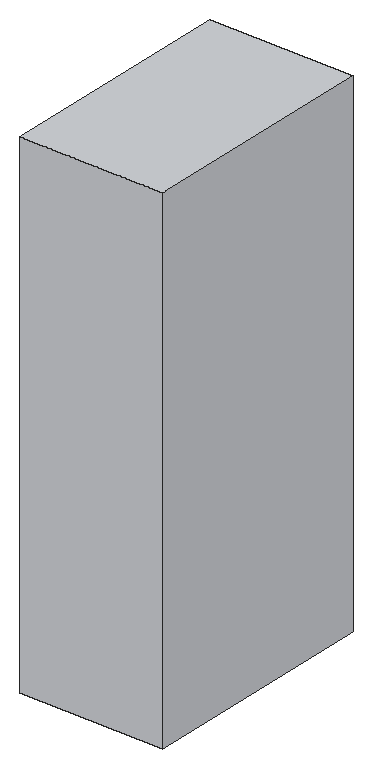
Revit family "第二期車站04_RTU機櫃_600x1000x2100", category 電氣設備, Revit 2025
Family settings
  面板規劃 = 兩欄，回路穿越
  圓形接點標註 = 使用直徑
  組件類型 = 分電盤
  OmniClass 編號 = 23.80.30.11.17
  OmniClass 標題 = Distribution Boards and Control Panels
  以工作平面為基礎 = 否
  總是垂直 = 是
  載入時使用空心切割 = 否
  維持標註方位 = 否
  共用 = 否
  房間計算點 = 否
Parameters (values of type "RTU 與網路機櫃")
  built-in parameter 1155100 [instance] = -1
  Default Elevation = 0 mm
  built-in parameter 1140142 [instance] = -1
  SCADA_高mm [instance] = "2100"
  SCADA_附錄F項次 [instance] = "22"
  SCADA_附錄D項次 [instance] = "13"
  SCADA_編號 [instance] = "P2S04-COMS-RTU-01"
  SCADA_站點 [instance] = "車站 4"
  SCADA_深mm [instance] = "1000"
  SCADA_機櫃類型 [instance] = "RTU 與網路機櫃"
  SCADA_期別 [instance] = "第二期"
  SCADA_房間 [instance] = "COMS/SCADA 設備室"
  SCADA_建物 [instance] = "車站"
  SCADA_尺寸 [instance] = "600W×1000D×2100H"
  SCADA_寬mm [instance] = "600"
  SCADA_定位來源 [instance] = "獨立設備族群（載入專案後定位）"
  SCADA_備註 [instance] = ""
  SCADA_來源文件 [instance] = "Installation SoW_V6（Rev.006, 2026-07-02）附錄 D / F；依原文顏色標示排除已刪除項目"
  SCADA_UPS電源110V [instance] = "雙 UPS 電源（2×4500VA）"
  built-in parameter 1140140 [instance] = 1 (stored number, unit not read)
Reference planes
  plane 1 "中心 (前/後)": y = 0
  plane 2: z = 0
  plane 3 "中心 (左/右)": x = 0
Forms (mm)
  Extrusion 1, solid
    sketch origin (0, 0, 0) x (1, 0, 0) y (0, 1, 0)
      loop
        line (-300, -500) -> (300, -500) -> (300, 500) -> (-300, 500) -> (-300, -500)
    from 0 to 2100
Lines and regions (mm)
  symbolic lines, style "開門線"
    curve 1: line (300, -500, 0) -> (300, -1100, 0)
    curve 2: arc (-300, -500, 0) -> (-124.264, -924.264, 0) -> (300, -1100, 0) r 600
    curve 3: line (-300, 500, 0) -> (-300, 1100, 0)
    curve 4: arc (300, 500, 0) -> (124.264, 924.264, 0) -> (-300, 1100, 0) r 600
Dimensions and locks
  aligned and locked: level to plane 2
